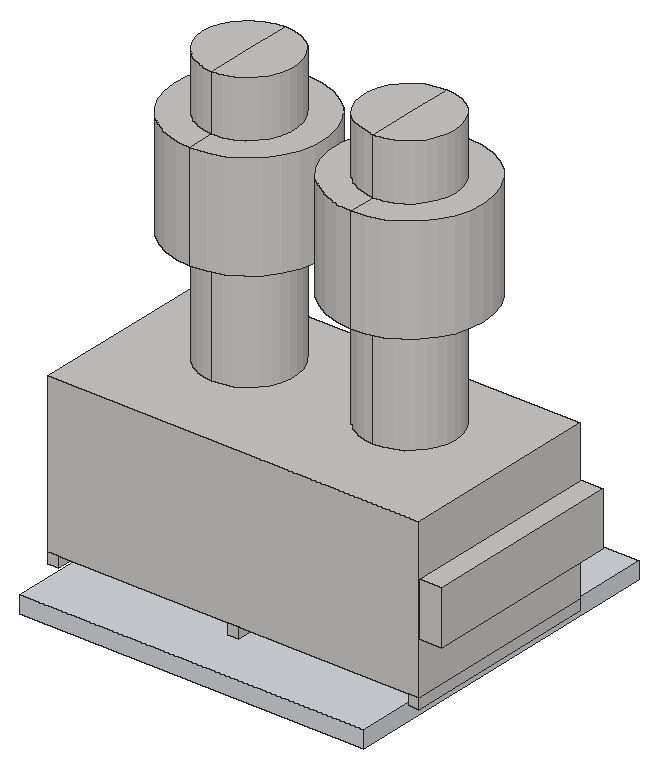
Revit family "DC_Rheem_PLM_B3804HWT", category Plumbing Fixtures, host Face, Revit 2020
Family settings
  Host = Face
  Round Connector Dimension = Use Radius
  Part Type = Normal
  Cut with Voids When Loaded = No
  Shared = No
  Room Calculation Point = No
Parameters
  Width_ANZRS = 1430 mm
  URL = "http://www.rheem.com.au/CommercialProducts"
  Type Comments = "Recovery 14534L/h @ 50°C rise\r\n"
  TopSmallDiameter_ANZRS = 650 mm
  TopH2_ANZRS = 750 mm
  TopH1_ANZRS = 400 mm
  TopBigDiameter_ANZRS = 1050 mm
  Materials_ANZRS = Raypak - Stainless Steel
  PVRRadius_ANZRS = 15 mm
  PVRDistance_ANZRS = 400 mm
  Model = "B3804NCM/HWT\r\n"
  Manufacturer = "Raypak\r\n"
  Length_ANZRS = 2635 mm
  HotWaterPipeDistance_ANZRS = 235 mm
  HotWaterPipeRadius_ANZRS = 20 mm
  Height_ANZRS = 3165 mm
  Gas Pipe Radius = 15 mm
  GasPipeHeight_ANZRS = 600 mm
  GasPipeDistance_ANZRS = 210 mm
  EleBoxWidth_ANZRS = 160 mm
  EleBoxHeightFromBase_ANZRS = 450 mm
  EleBoxHeight_ANZRS = 380 mm
  DesignBy_ANZRS = "Design Content ©"
  Description = "Raypak - Gas Water Heater- Outdoor - 3804 MJ/h  Natural gas, modulating gas control\r\n"
  Default Elevation = 1219.2 mm
  Connection Height_ANZRS = 910 mm
  ColdWaterPipeRadius_ANZRS = 20 mm
  ColdWaterPipeDistance_ANZRS = 567 mm
  BoxHeight_ANZRS = 1195 mm
  BaseWidth_ANZRS = 75 mm
  BaseHeight_ANZRS = 75 mm
  BaseDistance_ANZRS = 0 mm
  Author_ANZRS = "DM"
  Assembly Code = ""
  A1_ANZRS = 746 mm
Types (5, lengths in mm): name | Type Comments | Model | Description
  (no name) | "Recovery 14534L/h @ 50°C rise\r\n" | "B3804NCM/HWT\r\n" | "Raypak - Gas Water Heater- Outdoor - 3804 MJ/h  Natural gas, modulating gas control\r\n"
  Raypak - Gas Water Heater- Outdoor - 3804 MJ/h  Natural gas, modulating gas control | "Recovery 14534L/h @ 50°C rise\r\n" | "B3804NCM/HWT\r\n" | "Raypak - Gas Water Heater- Outdoor - 3804 MJ/h  Natural gas, modulating gas control\r\n"
  Raypak - Gas Water Heater- Outdoor - 3804 MJ/h  Natural gas, On/Off gas control | "Recovery 14534L/h @ 50°C rise\r\n" | "B3804NCO/HWT\r\n\r\n" | "Raypak - Gas Water Heater- Outdoor - 3804 MJ/h  Natural gas, On/Off gas control\r\n"
  Raypak - Gas Water Heater- Outdoor - 4045 MJ/h  Propane gas, modulating gas control | "Recovery 15409L/h @ 50°C rise\r\n" | "B3804PCM/HWT\r\n\r\n\r\n" | "Raypak - Gas Water Heater- Outdoor - 3804 MJ/h  Natural gas, modulating gas control\r\n"
  Raypak - Gas Water Heater- Outdoor - 4045 MJ/h  Propane gas, On/Off gas control | "Recovery 15409L/h @ 50°C rise\r\n" | "B3804PCO/HWT\r\n" | "Raypak - Gas Water Heater- Outdoor - 4045 MJ/h  Propane gas, On/Off gas control\r\n"
Reference planes
  plane 1 "Center (Front/Back)": y = 0
  plane 2: z = 0
  plane 3 "Center (Left/Right)": x = 0
  plane 4: z = 75
  plane 5: x = -1317.5
  plane 6: x = 1317.5
  plane 7: x = 1477.5
  plane 8: z = 450
  plane 9: z = 1195
  plane 10: x = -1317.5
  plane 11: x = 1317.5
  plane 12: x = -1242.5
  plane 13: x = 1242.5
  plane 14: y = 580
  plane 15: y = -850
  plane 16: z = 3165
  plane 17: z = 2765
  plane 18: z = 2015
  plane 19: y = 325
  plane 20: y = -325
  plane 21: y = 525
  plane 22: y = -525
  plane 23: z = 910
  plane 24: y = 180
  plane 25: y = 345
  plane 26: y = -222
  plane 27: y = -640
  plane 28: z = 600
  plane 29: z = 830
  plane 30: x = -1307.5
  plane 31: x = -1497.5
  plane 32: x = -1397.5
  plane 33: x = -37.5
  plane 34: x = 37.5
  plane 35: x = -571.5
  plane 36: x = 571.5
  plane 37: x = -896.5
  plane 38: x = -246.5
  plane 39: x = -1096.5
  plane 40: x = -46.5
  plane 41: x = 896.5
  plane 42: x = 246.5
  plane 43: x = 1096.5
  plane 44: x = 46.5
Forms (mm)
  Extrusion 1, solid
    sketch origin (0, 0, 0) x (1, 0, 0) y (0, 1, 0)
      loop
        line (-1219.2, 1219.2) -> (-1219.2, -1219.2) -> (1219.2, -1219.2) -> (1219.2, 1219.2) -> (-1219.2, 1219.2)
    from 0 to -120
  Extrusion 2, solid, material "Raypak - Stainless Steel" <- "Materials_ANZRS"
    sketch origin (0, 0, 0) x (1, 0, 0) y (0, 0, 1)
      loop
        line (-1317.5, 75) -> (-1317.5, 0) -> (-1242.5, 0) -> (-1242.5, 75) -> (-1317.5, 75)
      loop
        line (1242.5, 75) -> (1242.5, 0) -> (1317.5, 0) -> (1317.5, 75) -> (1242.5, 75)
      loop
        line (-37.5, 75) -> (-37.5, 0) -> (37.5, 0) -> (37.5, 75) -> (-37.5, 75)
    from -580 to 850
  Extrusion 3, solid, material "Raypak - Stainless Steel" <- "Materials_ANZRS"
    sketch origin (0, 0, 0) x (1, 0, 0) y (0, 1, 0)
      loop
        line (-1317.5, 580) -> (-1317.5, -850) -> (1317.5, -850) -> (1317.5, 580) -> (-1317.5, 580)
    from 75 to 1195
  Revolve 4, solid, material "Raypak - Stainless Steel" <- "Materials_ANZRS"
    sketch origin (-571.5, -4572, 910) x (0, 0, -1) y (0, -1, 0)
      loop
        line (-2255, -4572) -> (-285, -4572) -> (-285, -4247) -> (-1105, -4247) -> (-1105, -4047) -> (-1855, -4047) -> (-1855, -4247) -> (-2255, -4247) -> (-2255, -4572)
      axis (-2255, -4572) -> (-285, -4572)
    angle from 0 to 360
  Extrusion 5, solid, material "Raypak - Stainless Steel" <- "Materials_ANZRS"
    sketch origin (0, 0, 0) x (1, 0, 0) y (0, 0, 1)
      loop
        line (1317.5, 830) -> (1317.5, 450) -> (1477.5, 450) -> (1477.5, 830) -> (1317.5, 830)
    from -580 to 850
  Extrusion 6, solid, material "Raypak - Stainless Steel" <- "Materials_ANZRS"
    sketch origin (0, 0, 0) x (0, 1, 0) y (0, 0, 1)
      loop
        circle (345, 910) r 20
      loop
        circle (-222, 910) r 20
    from -1497.5 to -1317.5
  Extrusion 7, solid, material "Raypak - Stainless Steel" <- "Materials_ANZRS"
    sketch origin (0, 0, 0) x (0, 1, 0) y (0, 0, 1)
      loop
        circle (-640, 600) r 15
    from -1110 to -1317.5
  Extrusion 8, void
    sketch origin (0, 0, 0) x (0, 1, 0) y (0, 0, 1)
      loop
        circle (180, 910) r 15
    from -1317.5 to -1307.5
  Revolve 9, solid, material "Raypak - Stainless Steel" <- "Materials_ANZRS"
    sketch origin (571.5, -4572, 910) x (0, 0, -1) y (0, -1, 0)
      loop
        line (-2255, -4572) -> (-285, -4572) -> (-285, -4247) -> (-1105, -4247) -> (-1105, -4047) -> (-1855, -4047) -> (-1855, -4247) -> (-2255, -4247) -> (-2255, -4572)
      axis (-2255, -4572) -> (-285, -4572)
    angle from 0 to 360
Cuts and joins
  Extrusion 8 cuts Extrusion 3
  joined: Extrusion 3, Extrusion 7
Lines and regions (mm)
  Masking region 1
    outline origin (0, 0, 0) x (0, 1, 0) y (0, 0, 1)
      loop
        line (325, 3165) -> (-325, 3165) -> (-325, 2765) -> (-525, 2765) -> (-525, 2015) -> (-325, 2015) -> (-325, 1195) -> (-850, 1195) -> (-850, 0) -> (580, 0) -> (580, 1195) -> (325, 1195) -> (325, 2015) -> (525, 2015) -> (525, 2765) -> (325, 2765) -> (325, 3165)
  Masking region 2
    outline origin (0, 0, 0) x (1, 0, 0) y (0, 1, 0)
      loop
        line (-1317.5, 580) -> (-1317.5, 365) -> (-1497.5, 365) -> (-1497.5, 325) -> (-1317.5, 325) -> (-1317.5, -202) -> (-1497.5, -202) -> (-1497.5, -242) -> (-1317.5, -242) -> (-1317.5, -625) -> (-1110, -625) -> (-1110, -655) -> (-1317.5, -655) -> (-1317.5, -850) -> (1477.5, -850) -> (1477.5, 580) -> (-1317.5, 580)
  Masking region 3
    outline origin (0, 0, 0) x (1, 0, 0) y (0, 0, 1)
      loop
        line (-246.5, 2765) -> (-246.5, 3165) -> (-571.5, 3165) -> (-896.5, 3165) -> (-896.5, 2765) -> (-1096.5, 2765) -> (-1096.5, 2015) -> (-896.5, 2015) -> (-896.5, 1195) -> (-1317.5, 1195) -> (-1317.5, 930) -> (-1497.5, 930) -> (-1497.5, 890) -> (-1317.5, 890) -> (-1317.5, 615) -> (-1397.5, 615) -> (-1397.5, 585) -> (-1317.5, 585) -> (-1317.5, 75) -> (-1317.5, 0) -> (-1242.5, 0) -> (-1242.5, 75) -> (-37.5, 75) -> (-37.5, 0) -> (37.5, 0) -> (37.5, 75) -> (1242.5, 75) -> (1242.5, 0) -> (1317.5, 0) -> (1317.5, 75) -> (1317.5, 450) -> (1477.5, 450) -> (1477.5, 830) -> (1317.5, 830) -> (1317.5, 1195) -> (896.5, 1195) -> (896.5, 2015) -> (1096.5, 2015) -> (1096.5, 2765) -> (896.5, 2765) -> (896.5, 3165) -> (246.5, 3165) -> (246.5, 2765) -> (46.5, 2765) -> (46.5, 2015) -> (246.5, 2015) -> (246.5, 1195) -> (-246.5, 1195) -> (-246.5, 2015) -> (-46.5, 2015) -> (-46.5, 2765) -> (-246.5, 2765)
  symbolic lines, style "Raypak - Raypak", detail levels fine
    curve 1: line (1317.5, 0, 1195) -> (-1317.5, 0, 1195)
    curve 2: line (1317.5, 0, 75) -> (1317.5, 0, 1195)
    curve 3: line (-1317.5, 0, 1195) -> (-1317.5, 0, 75)
    curve 4: line (-1317.5, 0, 75) -> (1317.5, 0, 75)
    curve 5: line (-1242.5, 0, 0) -> (-1242.5, 0, 75)
    curve 6: line (-1317.5, 0, 0) -> (-1242.5, 0, 0)
    curve 7: line (-1317.5, 0, 75) -> (-1317.5, 0, 0)
    curve 8: line (1317.5, 0, 0) -> (1317.5, 0, 75)
    curve 9: line (1242.5, 0, 75) -> (1242.5, 0, 0)
    curve 10: line (1242.5, 0, 0) -> (1317.5, 0, 0)
    curve 11: line (1317.5, 0, 450) -> (1477.5, 0, 450)
    curve 12: line (1477.5, 0, 450) -> (1477.5, 0, 830)
    curve 13: line (1477.5, 0, 830) -> (1317.5, 0, 830)
    curve 14: line (-1397.5, 0, 585) -> (-1317.5, 0, 585)
    curve 15: line (-1397.5, 0, 615) -> (-1397.5, 0, 585)
    curve 16: line (-1317.5, 0, 615) -> (-1397.5, 0, 615)
    curve 17: line (0, -525, 2765) -> (0, 525, 2765)
    curve 18: line (0, -525, 2015) -> (0, 525, 2015)
    curve 19: line (0, 525, 2015) -> (0, 525, 2765)
    curve 20: line (0, -525, 2765) -> (0, -525, 2015)
    curve 21: line (0, -325, 3165) -> (0, -325, 2765)
    curve 22: line (0, 325, 2765) -> (0, 325, 3165)
    curve 23: line (0, -325, 3165) -> (0, 325, 3165)
    curve 24: line (0, -325, 2015) -> (0, -325, 1195)
    curve 25: line (0, 325, 1195) -> (0, 325, 2015)
    curve 26: line (0, 580, 1195) -> (0, -850, 1195)
    curve 27: line (0, -850, 1195) -> (0, -850, 75)
    curve 28: line (0, 580, 75) -> (0, 580, 1195)
    curve 29: line (0, -850, 75) -> (0, 580, 75)
    curve 30: line (0, 580, 0) -> (0, 580, 75)
    curve 31: line (0, -850, 75) -> (0, -850, 0)
    curve 32: line (0, -850, 0) -> (0, 580, 0)
    curve 33: arc (0, -242, 910) -> (0, -222, 890) -> (0, -202, 910) r 20
    curve 34: arc (0, -202, 910) -> (0, -222, 930) -> (0, -242, 910) r 20
    curve 35: arc (0, -625, 600) -> (0, -640, 585) -> (0, -655, 600) r 15
    curve 36: arc (0, -655, 600) -> (0, -640, 615) -> (0, -625, 600) r 15
    curve 37: arc (0, 325, 910) -> (0, 345, 890) -> (0, 365, 910) r 20
    curve 38: arc (0, 365, 910) -> (0, 345, 930) -> (0, 325, 910) r 20
    curve 39: arc (0, 165, 910) -> (0, 180, 895) -> (0, 195, 910) r 15
    curve 40: arc (0, 195, 910) -> (0, 180, 925) -> (0, 165, 910) r 15
    curve 41: line (1317.5, -850, 0) -> (1317.5, 580, 0)
    curve 42: line (-1317.5, -850, 0) -> (1317.5, -850, 0)
    curve 43: line (-1317.5, 580, 0) -> (-1317.5, -850, 0)
    curve 44: line (1477.5, -850, 0) -> (1477.5, 580, 0)
    curve 45: line (1317.5, -850, 0) -> (1477.5, -850, 0)
    curve 46: line (-1110, -625, 0) -> (-1110, -655, 0)
    curve 47: line (-1110, -625, 0) -> (-1317.5, -625, 0)
    curve 48: line (-1110, -655, 0) -> (-1317.5, -655, 0)
    curve 49: line (37.5, 0, 0) -> (37.5, 0, 75)
    curve 50: line (-1317.5, 0, 75) -> (1317.5, 0, 75)
    curve 51: line (-37.5, 0, 75) -> (-37.5, 0, 0)
    curve 52: line (-37.5, 0, 0) -> (37.5, 0, 0)
    curve 53: line (1477.5, 580, 0) -> (-1317.5, 580, 0)
    curve 54: line (1096.5, 0, 2015) -> (1096.5, 0, 2765)
    curve 55: line (46.5, 0, 2015) -> (46.5, 0, 2765)
    curve 56: line (246.5, 0, 3165) -> (246.5, 0, 2765)
    curve 57: line (896.5, 0, 3165) -> (896.5, 0, 2765)
    curve 58: line (46.5, 0, 2015) -> (1096.5, 0, 2015)
    curve 59: line (46.5, 0, 2765) -> (1096.5, 0, 2765)
    curve 60: line (246.5, 0, 3165) -> (896.5, 0, 3165)
    curve 61: line (246.5, 0, 2015) -> (246.5, 0, 1195)
    curve 62: line (896.5, 0, 2015) -> (896.5, 0, 1195)
    curve 63: line (-246.5, 0, 3165) -> (-571.5, 0, 3165)
    curve 64: line (-571.5, 0, 3165) -> (-896.5, 0, 3165)
    curve 65: line (-571.5, 0, 2765) -> (-1096.5, 0, 2765)
    curve 66: line (-46.5, 0, 2765) -> (-571.5, 0, 2765)
    curve 67: line (-46.5, 0, 2015) -> (-571.5, 0, 2015)
    curve 68: line (-571.5, 0, 2015) -> (-1096.5, 0, 2015)
    curve 69: line (-1096.5, 0, 2015) -> (-1096.5, 0, 2765)
    curve 70: line (-896.5, 0, 3165) -> (-896.5, 0, 2765)
    curve 71: line (-246.5, 0, 3165) -> (-246.5, 0, 2765)
    curve 72: line (-46.5, 0, 2015) -> (-46.5, 0, 2765)
    curve 73: line (-246.5, 0, 2015) -> (-246.5, 0, 1195)
    curve 74: line (-896.5, 0, 2015) -> (-896.5, 0, 1195)
    curve 83: line (-1317.5, 0, 930) -> (-1497.5, 0, 930)
    curve 84: line (-1497.5, 0, 930) -> (-1497.5, 0, 890)
    curve 85: line (-1497.5, 0, 890) -> (-1317.5, 0, 890)
  symbolic lines, style "Raypak - Raypak"
    curve 75: arc (-571.5, -525, 0) -> (-46.5, 0, 0) -> (-571.5, 525, 0) r 525
    curve 76: arc (-571.5, 525, 0) -> (-1096.5, 0, 0) -> (-571.5, -525, 0) r 525
    curve 77: arc (-571.5, 325, 0) -> (-896.5, 0, 0) -> (-571.5, -325, 0) r 325
    curve 78: arc (-571.5, -325, 0) -> (-246.5, 0, 0) -> (-571.5, 325, 0) r 325
    curve 79: arc (571.5, -525, 0) -> (46.5, 0, 0) -> (571.5, 525, 0) r 525
    curve 80: arc (571.5, -325, 0) -> (246.5, 0, 0) -> (571.5, 325, 0) r 325
    curve 81: arc (571.5, 325, 0) -> (896.5, 0, 0) -> (571.5, -325, 0) r 325
    curve 82: arc (571.5, 525, 0) -> (1096.5, 0, 0) -> (571.5, -525, 0) r 525
Dimensions and locks
  "BaseHeight_ANZRS": plane 4 to level
  equal spacing: plane 6, plane 3 "Center (Left/Right)", plane 5
  "Length_ANZRS": plane 5 to plane 6
  "EleBoxWidth_ANZRS": plane 6 to plane 7
  "EleBoxHeightFromBase_ANZRS": plane 8 to Extrusion 1
  "EleBoxHeight_ANZRS": plane 29 to plane 8
  "BaseDistance_ANZRS": plane 10 to plane 5
  "BaseDistance_ANZRS": plane 11 to plane 6
  "BaseWidth_ANZRS": plane 10 to plane 12
  "BaseWidth_ANZRS": plane 11 to plane 13
  plane 1 "Center (Front/Back)" to plane 15 = 850 mm
  "Width_ANZRS": plane 14 to plane 15
  "Height_ANZRS": plane 16 to Extrusion 1
  "TopSmallDiameter_ANZRS": plane 19 to plane 20
  equal spacing: plane 19, plane 1 "Center (Front/Back)", plane 20
  equal spacing: plane 21, plane 1 "Center (Front/Back)", plane 22
  "TopBigDiameter_ANZRS": plane 21 to plane 22
  "Connection Height_ANZRS": plane 23 to Extrusion 1
  "BoxHeight_ANZRS": plane 9 to Extrusion 1
  "PVRDistance_ANZRS": plane 14 to plane 24
  "HotWaterPipeDistance_ANZRS": plane 14 to plane 25
  "ColdWaterPipeDistance_ANZRS": plane 25 to plane 26
  "GasPipeDistance_ANZRS": plane 27 to plane 15
  "GasPipeHeight_ANZRS": plane 28 to Extrusion 1
  "TopH1_ANZRS": plane 16 to plane 17
  "TopH2_ANZRS": plane 17 to plane 18
  locked: plane 5 to plane 30 at 10
  plane 31 to plane 5 = 180 mm
  plane 31 to cut or joined group of Extrusion 3, Extrusion 7, Extrusion 8 = 180 mm
  plane 32 to cut or joined group of Extrusion 3, Extrusion 7, Extrusion 8 = 80 mm
  equal spacing: plane 33, plane 3 "Center (Left/Right)", plane 34
  "BaseWidth_ANZRS": plane 33 to plane 34
  plane 32 to plane 10 = 80 mm
  plane 31 to plane 10 = 180 mm
  "A1_ANZRS": plane 10 to plane 35
  "A1_ANZRS": plane 36 to plane 11
  equal spacing: plane 38, plane 35, plane 37
  "TopSmallDiameter_ANZRS": plane 38 to plane 37
  equal spacing: plane 39, plane 35, plane 40
  "TopBigDiameter_ANZRS": plane 39 to plane 40
  "TopSmallDiameter_ANZRS": plane 42 to plane 41
  "TopBigDiameter_ANZRS": plane 43 to plane 44
  equal spacing: plane 41, plane 36, plane 42
  equal spacing: plane 44, plane 36, plane 43
  "ColdWaterPipeRadius_ANZRS": radius of Extrusion 6 sketch curve
  "HotWaterPipeRadius_ANZRS": radius of Extrusion 6 sketch curve
  "Gas Pipe Radius": radius of Extrusion 7 sketch curve
  "PVRRadius_ANZRS": radius of Extrusion 8 sketch curve
  aligned and locked: plane 2 to Extrusion 1
  aligned and locked: level to Extrusion 1
  aligned and locked: Extrusion 2 sketch curve to plane 4
  aligned and locked: Extrusion 2 sketch curve to plane 10
  aligned and locked: level to Extrusion 2 sketch curve  (x2)
  aligned and locked: plane 12 to Extrusion 2 sketch curve
  aligned and locked: plane 4 to Extrusion 2 sketch curve
  aligned and locked: plane 13 to Extrusion 2 sketch curve
  aligned and locked: plane 11 to Extrusion 2 sketch curve
  aligned and locked: plane 14 to Extrusion 3 sketch curve
  aligned and locked: plane 15 to Extrusion 3 sketch curve
  aligned and locked: plane 6 to Extrusion 3 sketch curve
  aligned and locked: plane 9 to Extrusion 3
  aligned and locked: Extrusion 3 to plane 4
  aligned and locked: Extrusion 2 to plane 15
  aligned and locked: Extrusion 2 to plane 14
  aligned and locked: plane 16 to Revolve 4 sketch curve
  aligned and locked: Revolve 4 sketch curve to plane 20
  aligned and locked: Revolve 4 sketch curve to plane 22
  aligned and locked: plane 9 to Revolve 4 sketch curve
  aligned and locked: Revolve 4 sketch curve to plane 1 "Center (Front/Back)"
  aligned and locked: plane 29 to Extrusion 5 sketch curve
  aligned and locked: Extrusion 5 sketch curve to plane 6
  aligned and locked: Extrusion 5 sketch curve to plane 8
  aligned and locked: plane 7 to Extrusion 5 sketch curve
  aligned and locked: Extrusion 2 to Extrusion 5
  aligned and locked: Extrusion 5 to Extrusion 2
  aligned and locked: plane 25 to Extrusion 6 sketch curve
  aligned and locked: plane 23 to Extrusion 6 sketch curve  (x2)
  aligned and locked: plane 26 to Extrusion 6 sketch curve
  aligned and locked: Extrusion 3 to plane 5
  aligned: Extrusion 6 to plane 5
  aligned: Extrusion 6 to plane 30
  aligned and locked: plane 28 to Extrusion 7 sketch curve
  aligned and locked: plane 27 to Extrusion 7 sketch curve
  aligned: plane 31 to Extrusion 7
  aligned: Extrusion 7 to plane 30
  aligned: plane 5 to Extrusion 7
  aligned and locked: plane 16 to Masking region 1 sketch curve
  aligned and locked: Masking region 1 sketch curve to plane 17
  aligned and locked: Masking region 1 sketch curve to plane 22
  aligned and locked: plane 21 to Masking region 1 sketch curve
  aligned and locked: plane 19 to Masking region 1 sketch curve
  aligned and locked: Masking region 1 sketch curve to plane 20
  aligned and locked: plane 9 to Masking region 1 sketch curve
  aligned and locked: Masking region 1 sketch curve to plane 15
  aligned and locked: plane 14 to Masking region 1 sketch curve
  aligned and locked: Extrusion 1 to Masking region 1 sketch curve
  aligned and locked: Masking region 1 sketch curve to plane 18
  aligned and locked: curve 1 to cut or joined group of Extrusion 3, Extrusion 7, Extrusion 8
  aligned and locked: curve 2 to cut or joined group of Extrusion 3, Extrusion 7, Extrusion 8
  aligned and locked: curve 3 to cut or joined group of Extrusion 3, Extrusion 7, Extrusion 8
  aligned and locked: curve 4 to cut or joined group of Extrusion 3, Extrusion 7, Extrusion 8
  aligned and locked: curve 5 to Extrusion 2
  aligned and locked: curve 6 to Extrusion 2
  aligned and locked: curve 7 to Extrusion 2
  aligned and locked: curve 8 to Extrusion 2
  aligned and locked: curve 9 to Extrusion 2
  aligned and locked: curve 10 to Extrusion 2
  aligned and locked: curve 11 to Extrusion 5
  aligned and locked: curve 12 to Extrusion 5
  aligned and locked: curve 13 to Extrusion 5
  aligned: curve 15 to cut or joined group of Extrusion 3, Extrusion 7, Extrusion 8
  aligned and locked: curve 17 to Revolve 4
  aligned and locked: curve 18 to Revolve 4
  aligned and locked: curve 19 to Masking region 1
  aligned and locked: curve 20 to Masking region 1
  aligned and locked: curve 21 to Masking region 1
  aligned and locked: curve 22 to Masking region 1
  aligned and locked: curve 23 to Revolve 4
  aligned and locked: curve 24 to Masking region 1
  aligned and locked: curve 25 to Masking region 1
  aligned and locked: curve 26 to cut or joined group of Extrusion 3, Extrusion 7, Extrusion 8
  aligned and locked: curve 27 to cut or joined group of Extrusion 3, Extrusion 7, Extrusion 8
  aligned and locked: curve 28 to cut or joined group of Extrusion 3, Extrusion 7, Extrusion 8
  aligned and locked: curve 29 to cut or joined group of Extrusion 3, Extrusion 7, Extrusion 8
  aligned and locked: curve 30 to Extrusion 2
  aligned and locked: curve 31 to Extrusion 2
  aligned and locked: curve 32 to Extrusion 2
  aligned and locked: curve 35 to cut or joined group of Extrusion 3, Extrusion 7, Extrusion 8
  aligned and locked: curve 36 to cut or joined group of Extrusion 3, Extrusion 7, Extrusion 8
  aligned and locked: curve 41 to cut or joined group of Extrusion 3, Extrusion 7, Extrusion 8
  aligned and locked: curve 42 to cut or joined group of Extrusion 3, Extrusion 7, Extrusion 8
  aligned and locked: curve 43 to cut or joined group of Extrusion 3, Extrusion 7, Extrusion 8
  aligned and locked: curve 44 to Extrusion 5
  aligned and locked: curve 45 to Extrusion 5
  aligned: curve 46 to cut or joined group of Extrusion 3, Extrusion 7, Extrusion 8
  aligned and locked: plane 31 to Extrusion 6
  aligned: plane 5 to Extrusion 6
  aligned: plane 32 to Extrusion 7
  aligned and locked: curve 49 to Extrusion 2
  aligned and locked: curve 50 to cut or joined group of Extrusion 3, Extrusion 7, Extrusion 8
  aligned and locked: curve 51 to Extrusion 2
  aligned and locked: curve 52 to Extrusion 2
  aligned and locked: Masking region 2 sketch curve to curve 53
  aligned and locked: Masking region 2 sketch curve to Extrusion 2
  aligned and locked: Masking region 2 sketch curve to Extrusion 5  (x2)
  aligned and locked: Masking region 2 sketch curve to Extrusion 6
  aligned and locked: Masking region 2 sketch curve to cut or joined group of Extrusion 3, Extrusion 7, Extrusion 8
  aligned and locked: plane 32 to curve 15
  aligned and locked: plane 24 to Extrusion 8 sketch curve
  aligned and locked: plane 23 to Extrusion 8 sketch curve
  aligned and locked: Extrusion 8 to plane 5
  aligned: Extrusion 6 to Extrusion 8
  aligned and locked: curve 47 to Extrusion 7
  aligned and locked: cut or joined group of Extrusion 3, Extrusion 7, Extrusion 8 to plane 10
  aligned and locked: Extrusion 8 to plane 30
  aligned and locked: Extrusion 6 to plane 10
  aligned and locked: plane 22 to Revolve 9 sketch curve
  aligned and locked: Revolve 9 sketch curve to plane 18
  aligned and locked: plane 20 to Revolve 9 sketch curve  (x2)
  aligned and locked: Revolve 9 sketch curve to plane 16
  aligned and locked: Revolve 9 sketch curve to plane 17
  aligned and locked: Revolve 9 sketch curve to plane 1 "Center (Front/Back)"
  aligned and locked: curve 54 to plane 43
  aligned and locked: curve 55 to plane 44
  aligned and locked: curve 56 to plane 42
  aligned and locked: plane 41 to curve 57
  aligned and locked: curve 58 to plane 18
  aligned and locked: curve 59 to plane 17
  aligned and locked: curve 60 to plane 16
  aligned and locked: curve 63 to Revolve 4
  aligned and locked: curve 64 to Revolve 4
  aligned and locked: curve 65 to Revolve 4
  aligned and locked: curve 66 to Revolve 4
  aligned and locked: curve 67 to Revolve 4
  aligned and locked: curve 68 to Revolve 4
  aligned and locked: curve 69 to plane 39
  aligned and locked: curve 70 to plane 37
  aligned and locked: plane 38 to curve 71
  aligned and locked: curve 72 to plane 40
  aligned and locked: plane 17 to curve 72
  aligned and locked: plane 17 to curve 70
  aligned and locked: plane 17 to curve 71
  aligned and locked: plane 18 to curve 74
  aligned and locked: plane 18 to curve 73
  aligned and locked: Masking region 3 sketch curve to curve 71
  aligned and locked: Masking region 3 sketch curve to curve 63
  aligned and locked: Masking region 3 sketch curve to curve 64
  aligned and locked: Masking region 3 sketch curve to curve 70
  aligned and locked: Masking region 3 sketch curve to curve 56
  aligned and locked: Masking region 3 sketch curve to curve 60
  aligned and locked: Masking region 3 sketch curve to curve 57
  aligned and locked: Revolve 4 to Masking region 3 sketch curve  (x2)
  aligned and locked: Masking region 3 sketch curve to Revolve 4  (x2)
  aligned and locked: Masking region 3 sketch curve to curve 69
  aligned and locked: Masking region 3 sketch curve to curve 72
  aligned and locked: Masking region 3 sketch curve to curve 74
  aligned and locked: Masking region 3 sketch curve to curve 73
  aligned and locked: Masking region 3 sketch curve to curve 61
  aligned and locked: Masking region 3 sketch curve to curve 62
  aligned and locked: Revolve 9 to Masking region 3 sketch curve  (x2)
  aligned and locked: Masking region 3 sketch curve to Revolve 9  (x2)
  aligned and locked: Masking region 3 sketch curve to curve 54
  aligned and locked: Masking region 3 sketch curve to curve 55
  aligned and locked: Masking region 3 sketch curve to cut or joined group of Extrusion 3, Extrusion 7, Extrusion 8  (x3)
  aligned and locked: Masking region 3 sketch curve to Extrusion 2  (x9)
  aligned and locked: cut or joined group of Extrusion 3, Extrusion 7, Extrusion 8 to Masking region 3 sketch curve
  aligned and locked: Masking region 3 sketch curve to Extrusion 5  (x3)
  aligned and locked: plane 9 to curve 73
  aligned and locked: plane 9 to curve 74
  aligned and locked: curve 75 to Revolve 4
  aligned and locked: curve 76 to Revolve 4
  aligned and locked: curve 77 to Revolve 4
  aligned and locked: curve 78 to Revolve 4
  aligned and locked: curve 79 to Revolve 9
  aligned and locked: curve 80 to Revolve 9
  aligned and locked: curve 81 to Revolve 9
  aligned and locked: curve 82 to Revolve 9
  aligned and locked: plane 31 to Masking region 3 sketch curve
  aligned and locked: plane 32 to Masking region 3 sketch curve
  aligned and locked: curve 83 to Masking region 3
  aligned and locked: curve 84 to Extrusion 6
  aligned and locked: curve 85 to Masking region 3
Automatic sketch dimensions
  curve 43 to plane 5 = 0 mm
  curve 45 to plane 6 = 0 mm
  curve 44 to plane 7 = 0 mm
  curve 42 to plane 15 = 0 mm
  plane 14 to curve 44 = 0 mm
  plane 27 to curve 48 = 15 mm
  curve 47 to plane 27 = 15 mm
  curve 33 to curve 34 = 0 mm  (x2)
  curve 35 to curve 36 = 0 mm  (x2)
  curve 37 to curve 38 = 0 mm  (x2)
  curve 39 to curve 40 = 0 mm  (x2)
  curve 31 to plane 4 = 0 mm
  curve 31 to plane 15 = 0 mm
  curve 36 to plane 28 = 0 mm
  curve 35 to plane 27 = 0 mm
  curve 18 to plane 18 = 0 mm
  curve 18 to plane 22 = 0 mm
  curve 23 to plane 16 = 0 mm
  curve 23 to plane 20 = 0 mm
  curve 24 to plane 9 = 0 mm
  curve 24 to plane 20 = 0 mm
  curve 33 to plane 23 = 0 mm
  curve 33 to plane 26 = 0 mm
  curve 39 to plane 23 = 0 mm
  curve 40 to plane 24 = 0 mm
  curve 22 to plane 19 = 0 mm
  curve 25 to plane 19 = 0 mm
  curve 37 to plane 23 = 0 mm
  curve 37 to plane 25 = 0 mm
  plane 17 to curve 19 = 0 mm
  curve 19 to plane 21 = 0 mm
  curve 29 to plane 14 = 0 mm
  curve 32 to level = 0 mm
  curve 36 to curve 35 = 15 mm
  plane 26 to curve 33 = 20 mm
  plane 24 to curve 39 = 15 mm
  plane 25 to curve 37 = 20 mm
  Extrusion 1 sketch curve to Extrusion 1 sketch curve = 2438.4 mm  (x2)
  Extrusion 2 sketch curve to plane 4 = 0 mm
  plane 33 to Extrusion 2 sketch curve = 0 mm
  Extrusion 2 sketch curve to level = 0 mm
  Extrusion 2 sketch curve to plane 34 = 0 mm
  Extrusion 3 sketch curve to plane 5 = 0 mm
  Masking region 1 sketch curve to plane 17 = 0 mm
  Masking region 1 sketch curve to plane 20 = 0 mm
  Masking region 1 sketch curve to plane 19 = 0 mm
  Masking region 1 sketch curve to plane 9 = 0 mm
  Masking region 1 sketch curve to plane 18 = 0 mm
  Masking region 2 sketch curve to plane 31 = 0 mm
  Masking region 2 sketch curve to plane 5 = 0 mm  (x3)
  plane 27 to Masking region 2 sketch curve = 15 mm
  Masking region 2 sketch curve to plane 27 = 15 mm
  plane 26 to Masking region 2 sketch curve = 20 mm
  Masking region 2 sketch curve to plane 26 = 20 mm
  plane 25 to Masking region 2 sketch curve = 20 mm
  Masking region 2 sketch curve to plane 25 = 20 mm
  plane 32 to curve 14 = 0 mm
  curve 3 to plane 4 = 0 mm
  curve 3 to plane 5 = 0 mm
  curve 6 to level = 0 mm
  curve 6 to plane 5 = 0 mm
  plane 12 to curve 6 = 0 mm
  curve 74 to plane 37 = 0 mm
  curve 63 to plane 16 = 0 mm
  plane 35 to curve 63 = 0 mm
  plane 35 to curve 67 = 0 mm
  plane 35 to curve 66 = 0 mm
  plane 38 to curve 73 = 0 mm
  plane 33 to curve 51 = 0 mm
  curve 49 to plane 34 = 0 mm
  curve 61 to plane 42 = 0 mm
  plane 41 to curve 62 = 0 mm
  curve 10 to level = 0 mm
  curve 10 to plane 13 = 0 mm
  plane 6 to curve 4 = 0 mm
  plane 6 to curve 10 = 0 mm
  plane 7 to curve 12 = 0 mm
  curve 52 to level = 0 mm
  curve 11 to plane 8 = 0 mm
  curve 13 to plane 29 = 0 mm
  curve 14 to plane 28 = 15 mm
  plane 28 to curve 16 = 15 mm
  Revolve 9 sketch curve to plane 1 "Center (Front/Back)" = 0 mm
  Revolve 9 sketch curve to plane 9 = 0 mm
  Revolve 9 sketch curve to Revolve 9 sketch curve = 51.193 mm
  level to Revolve 9 sketch curve = 2207.352 mm
  Revolve 4 sketch curve to plane 1 "Center (Front/Back)" = 0 mm
  Revolve 4 sketch curve to plane 17 = 0 mm
  Revolve 4 sketch curve to plane 18 = 0 mm
  Revolve 4 sketch curve to plane 20 = 0 mm
  Revolve 4 sketch curve to plane 16 = 51.193 mm
  Revolve 4 sketch curve to level = 2207.352 mm
  plane 35 to Masking region 3 sketch curve = 0 mm
  plane 6 to Masking region 3 sketch curve = 0 mm
  Masking region 3 sketch curve to plane 4 = 0 mm  (x3)
  Masking region 3 sketch curve to plane 9 = 0 mm  (x2)
  Masking region 3 sketch curve to plane 28 = 15 mm
  plane 28 to Masking region 3 sketch curve = 15 mm
  Masking region 3 sketch curve to plane 23 = 20 mm
  plane 23 to Masking region 3 sketch curve = 20 mm
  Masking region 3 sketch curve to plane 5 = 0 mm
  plane 31 to curve 83 = 0 mm
  plane 23 to curve 83 = 20 mm
  curve 84 to plane 23 = 20 mm
Connectors
  piping at (-1110, -640, 600), diameter 30, driven by "Gas Pipe Radius"
    settings: on cut or joined group of Extrusion 3, Extrusion 7, Extrusion 8, index 4, connector inside diameter 1.1811", connector length 0 mm, flow factor 0, pipe flow 0 GPM, pressure drop 0.00 psi, fitting loss kfactor 0, connector angle 0.00°, fixture units 0, engagement length 0 mm, angle of deflection 0.00°, flow configuration 1, flow direction 1, fitting loss method 0, system type 22, joint type 0, gender type 0, connector reference index -1, connector utility 0, adjustable connector no, is connector primary yes, connector description ""
  piping at (-1497.5, 345, 910), diameter 40, driven by "HotWaterPipeRadius_ANZRS"
    settings: on Extrusion 6, index 5, connector inside diameter 1.5748", connector length 0 mm, flow factor 0, pipe flow 0 GPM, pressure drop 0.00 psi, fitting loss kfactor 0, connector angle 0.00°, fixture units 0, engagement length 0 mm, angle of deflection 0.00°, flow configuration 1, flow direction 1, fitting loss method 0, system type 19, joint type 0, gender type 0, connector reference index -1, connector utility 0, adjustable connector no, is connector primary no, connector description ""
  piping at (-1497.5, -222, 910), diameter 40, driven by "ColdWaterPipeRadius_ANZRS"
    settings: on Extrusion 6, index 7, connector inside diameter 1.5748", connector length 0 mm, flow factor 0, pipe flow 0 GPM, pressure drop 0.00 psi, fitting loss kfactor 0, connector angle 0.00°, fixture units 0, engagement length 0 mm, angle of deflection 0.00°, flow configuration 1, flow direction 1, fitting loss method 0, system type 20, joint type 0, gender type 0, connector reference index -1, connector utility 0, adjustable connector no, is connector primary no, connector description ""
  piping at (-1317.5, 180, 910), diameter 30, driven by "PVRRadius_ANZRS"
    settings: on cut or joined group of Extrusion 3, Extrusion 7, Extrusion 8, index 8, connector inside diameter 1.1811", connector length 0 mm, flow factor 0, pipe flow 0 GPM, pressure drop 0.00 psi, fitting loss kfactor 0, connector angle 0.00°, fixture units 0, engagement length 0 mm, angle of deflection 0.00°, flow configuration 1, flow direction 1, fitting loss method 0, system type 22, joint type 0, gender type 0, connector reference index -1, connector utility 0, adjustable connector no, is connector primary no, connector description ""
